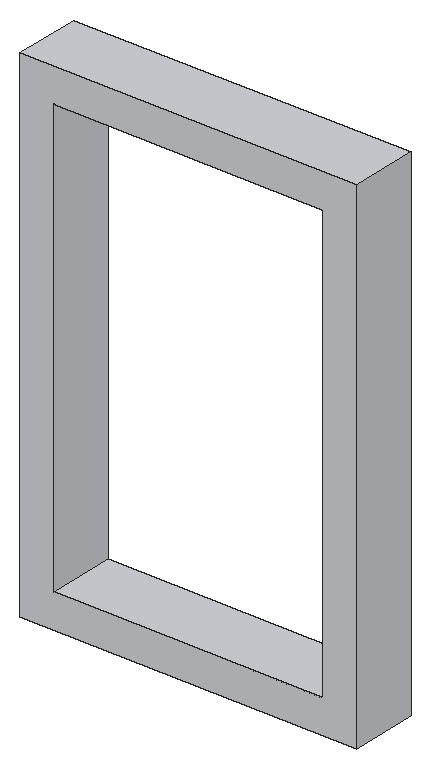
Revit family "Family1", category Windows, host Wall, Revit 2022
Family settings
  Host = Wall
  OmniClass Number = 23.30.20.00
  OmniClass Title = Windows
  Always vertical = Yes
  Cut with Voids When Loaded = No
  Shared = No
  Room Calculation Point = No
Parameters
  Height = 1500 mm
  Default Sill Height = 800 mm
  Wall Closure = By host
  Width = 1000 mm
Reference planes
  plane 1 "Center (Front/Back)": y = 0
  plane 2 "Center (Left/Right)": x = 0
  plane 3 "Left": x = -500
  plane 4 "Right": x = 500
  plane 5 "Sill": z = 800
  plane 6 "Head": z = 2300
  plane 7 "Exterior": y = 100
  plane 8 "Interior": y = -100
Forms (mm)
  Sweep 1, solid
    path in 3D
      loop
        line (500, 100, 2300) -> (-500, 100, 2300) -> (-500, 100, 800) -> (500, 100, 800) -> (500, 100, 2300)
    profile origin (500, 100, 1550) x (0, 1, 0) y (-1, 0, 0)
      loop
        line (-200, 0) -> (0, 0) -> (0, 100) -> (-200, 100) -> (-200, 0)
Lines and regions (mm)
  Opening 1
    outline origin (3500, -100, 0) x (1, 0, 0) y (0, 0, 1)
      loop
        line (-3000, 800) -> (-3000, 2300) -> (-4000, 2300) -> (-4000, 800) -> (-3000, 800)
  sketch lines
    curve 1: line (500, 100, 800) -> (500, 100, 2300)
    curve 2: line (500, 100, 2300) -> (-500, 100, 2300)
    curve 3: line (-500, 100, 2300) -> (-500, 100, 800)
    curve 4: line (-500, 100, 800) -> (500, 100, 800)
Text (mm)
  text "Exterior" at (-1963.203, 1332.353, 0), in view "Ref. Level"
  text "Interior" at (-1981.466, -818.386, 0), in view "Ref. Level"
  text "Exterior" at (0, 923.751, 2943.296), in view "Right"
  text "Exterior" at (0, 1040.484, 2685.409), in view "Left"
Dimensions and locks
  equal spacing: plane 3 "Left", plane 2 "Center (Left/Right)", plane 4 "Right"
  "Width": plane 3 "Left" to plane 4 "Right"
  "Height": plane 5 "Sill" to plane 6 "Head"
  "Default Sill Height": plane 5 "Sill" to level
  locked: plane 7 "Exterior" to host wall
  locked: plane 8 "Interior" to host wall
Automatic sketch dimensions
  Opening 1 sketch curve to plane 3 "Left" = 0 mm
  Opening 1 sketch curve to plane 4 "Right" = 0 mm
  Opening 1 sketch curve to plane 5 "Sill" = 0 mm
  Opening 1 sketch curve to plane 6 "Head" = 0 mm
  Sweep 1 sketch curve to profile plane = 0 mm
  profile plane to Sweep 1 sketch curve = 0 mm
  profile plane to Sweep 1 sketch curve = 200 mm
  profile plane to Sweep 1 sketch curve = 100 mm
